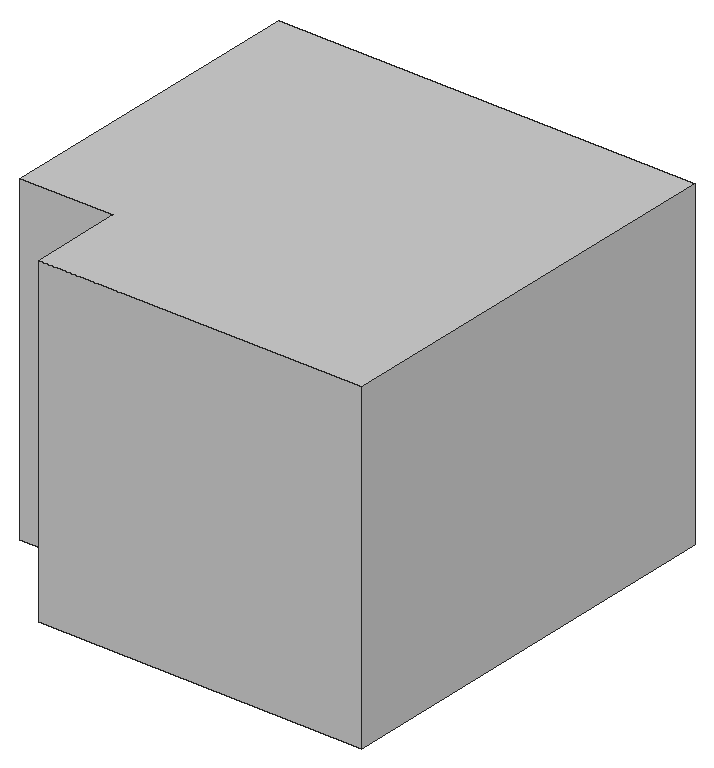
Revit family "LAMP_FIL 70 LED ACC SUSPENDED 90º CORNER", category Modelos genéricos, Revit 2015
Parameters (values of type "GREY")
  Weight = 0.24 kg
  Product datasheet = "https://www.lamp.es/product-files/TECH/F7SUHCG-EN.pdf"
  Product code = "F7SUHCG"
  Modelo = Product code  # "F7SUHCG"
  Material [instance] = LAMP_Aluminio Perfil Fil GR
  Manufacturer name = "LAMP"
  Manufacturer country = "Spain"
  Manufacturer URL = "http://www.lamp.es/en"
  Last update = "18/08/2020"
  Installation instructions = ""
  Finish = "Gloss Grey"
  Fabricante = Manufacturer name  # "LAMP"
  Descripción = "FIL 70 ACC. SUS 90º CORNER GR."
  Accessory Type = "Assembly"
Types (2, lengths in mm): name | Product datasheet | Product code | Modelo | Material | Finish | Descripción
  GREY | "https://www.lamp.es/product-files/TECH/F7SUHCG-EN.pdf" | "F7SUHCG" | "F7SUHCG" | LAMP_Aluminio Perfil Fil GR | "Gloss Grey" | "FIL 70 ACC. SUS 90º CORNER GR."
  WHITE | "https://www.lamp.es/product-files/TECH/F7SUHCW-EN.pdf" | "F7SUHCW" | "F7SUHCW" | LAMP_Aluminio Perfil Fil BL | "Matt White" | "FIL 70 ACC. SUS 90º CORNER WH."
Reference planes
  plane 1 "Centro (Frontal/Posterior)": y = 0
  plane 2: z = 0
  plane 3 "Centro (Izquierda/Derecha)": x = 0
Forms (mm)
  Sweep 1, solid, material "LAMP_Aluminio Perfil Fil GR" <- "Material"
    path origin (0, 0, 0) x (1, 0, 0) y (0, 1, 0)
      loop
        line (0, 0) -> (90, 0) -> (90, -90)
    profile origin (45, 0, 0) x (0, 1, 0) y (0, 0, 1)
      loop
        line (-70, 0) -> (0, 0) -> (0, 70) -> (-70, 70) -> (-70, 0)
Text (mm)
  text "Any modification of the parameters and properties of the LAMP BIM models must be executed and validated by the LAMP technical department.\n\nPhone: +34 93 736 68 00\n\nE-mail: lamp@lamp.es\n\n\n\nLAMP reserves the right to modify the technical specifications of its products." at (15168.82, -59287.277, 21078.712), in view "Preview"
Dimensions and locks
  aligned and locked: level to plane 2
